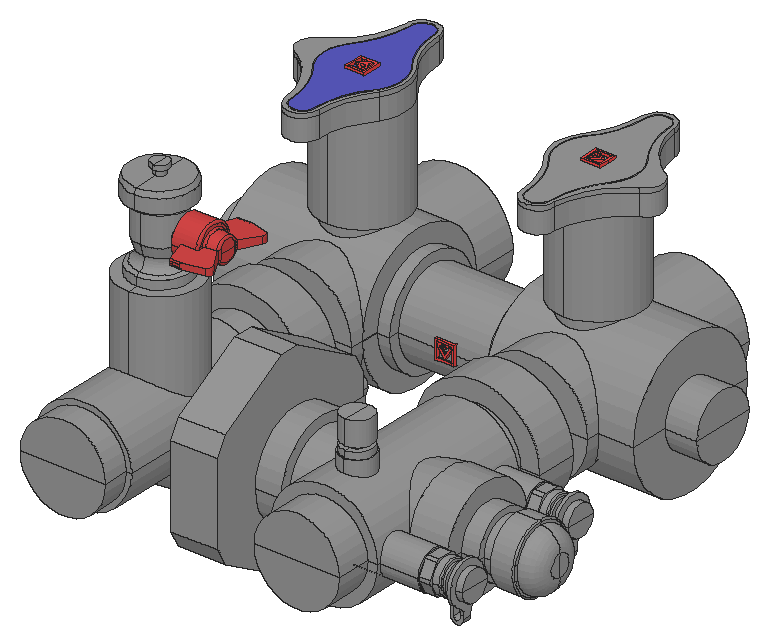
Revit family "HerzCon-Direktanschluss für FanCoils 120mm", category Rohrzubehör, Revit 2019
Family settings
  Bemaßung runder Anschluss = Durchmesser verwenden
  Teiletyp = Unterbricht
  OmniClass-Nummer = 23.65.55.14
  OmniClass-Titel = Valves for Liquid Services
  Arbeitsebenenbasiert = Nein
  Immer vertikal = Ja
  Beim Laden mit Abzugskörper schneiden = Nein
  Gemeinsam genutzt = Nein
Parameters (values of type "DN32")
  kvs-Wert (normale Funktion) = 4.57  # constant formula
  kvs-Wert (Bypass Funktion) = 14.2  # constant formula
  URL = "www.herz-armaturen.at"
  SCRNSEQ = "ARM;TYP_ARM=\"DURR\";02"
  SCRNCODE = "05;04;04"  # constant formula
  Nennweite SF [instance] = 40.00 mm  # constant formula
  Nennweite Kombi [instance] = 40.00 mm  # constant formula
  Nennweite KH [instance] = 32.00 mm  # constant formula
  Min. Betriebstemperatur = -20 °C  # constant formula
  Membrane und O-Ringe = "EPDM"  # constant formula
  Medium = "Heizungswasser gemäß ÖNORM H5195 oder VDI-Standard 2035.\r\nDie Verwendung von Ethylen- oder Propylenglykol-Gemischen in einem Verhältnis von 25-50 Vol.- % ist erlaubt."
  Max. Differenzdruck = 400000.0 Pa  # constant formula
  Max. Betriebstemperatur = 130 °C  # constant formula
  Max. Betriebsdruck = 2500000.0 Pa  # constant formula
  L11 = 16.00 mm  # constant formula
  L10 = 29.30 mm  # constant formula
  L09 = 20.00 mm  # constant formula
  L08 = 14.75 mm  # constant formula
  L07 = 19.25 mm  # constant formula
  L06 = 17.00 mm  # constant formula
  L05 = 26.50 mm  # constant formula
  L04 = 55.00 mm  # constant formula
  L03 = 22.40 mm  # constant formula
  L02 = 6.10 mm  # constant formula
  L01 = 15.00 mm  # constant formula
  L00 [instance] = 226.20 mm  # constant formula
  KR02 = 18.25 mm  # constant formula
  KR01 = 35.00 mm  # constant formula
  KL09 = 4.70 mm  # constant formula
  KL08 = KL06 + KL07  # 70.70 mm
  KL07 = 21.80 mm  # constant formula
  KL06 = KH01 + KL05  # 48.90 mm
  KL05 = 15.40 mm  # constant formula
  KL04 = 12.00 mm  # constant formula
  KL03 = KH03 - 9.00 mm  # 57.00 mm
  KL02 = 16.00 mm  # constant formula
  KL01 = 114.00 mm  # constant formula
  KH03 = 66.00 mm  # constant formula
  KH02 = KH01 + KD01  # 58.50 mm
  KH01 = 33.50 mm  # constant formula
  KD09 = 11.25 mm  # constant formula
  KD08 = 24.50 mm  # constant formula
  KD07 = 23.30 mm  # constant formula
  KD06 = 15.00 mm  # constant formula
  KD05 = 12.50 mm  # constant formula
  KD04 = 13.90 mm  # constant formula
  KD03 = 20.00 mm  # constant formula
  KD02 = 20.00 mm  # constant formula
  KD01 = 25.00 mm  # constant formula
  Hub = "4 mm"  # constant formula
  Hersteller = "HERZ Armaturen Ges.m.b.H."  # constant formula
  H01 = D02 + 1.00 mm  # 34.00 mm
  Gehäuse = "entzinkungsbeständiges Messing"  # constant formula
  D10 = 21.40 mm  # constant formula
  D09 = 13.00 mm  # constant formula
  D08 = 18.40 mm  # constant formula
  D07 = 39.00 mm  # constant formula
  D06 = 45.00 mm  # constant formula
  D05 = 54.50 mm  # constant formula
  D04 = 20.00 mm  # constant formula
  D03 = 24.50 mm  # constant formula
  D02 = 33.00 mm  # constant formula
  D01 = 15.00 mm  # constant formula
  Bestellnummer [instance] = 1460054  # constant formula
  Anwendungen = "Die HerzCON wurden entwickelt, um eine einfache Verbindung zu Gebläsekonvektoren oder anderen Anschlusseinheiten herzustellen.\r\nEin HerzCON ist eine Einheit, bestehend aus einem druckunabhängigen Kombiventil-Volumenstromregler (4006), Herz-Schmutzfänger, Herz-Entleerungshahn (2512) und zwei Herz-Multifunktionskugelhähnen.\r\nDas Ein-/ Aus Schalten sowie Modulieren ist über einen 0-10 V Stellantrieb möglich und kann bei Bedarf in eine GLT integriert werden.\r\nDie Einheit optimiert die Energieeffizienz des Systems, da es eine druckunabhängige Regelung ist, die den vollen Regelbereich unabhängig von Druckschwankungen gewährleistet, während gleichzeitig ein konstanter Durchfluss sichergestellt wird.\r\nMit der HerzCON können auch Spül- und Absperrvorgänge durchgeführt werden.\r\nEine Einheit kann für Heizen und Kühlen verwendet werden.\r\nEs gibt daher keinen Produktunterschied zwischen Heizen und Kühlen.\r\nDer am Sieb angebrachte Ablasshahn ermöglicht ein Spülen, ohne dass der Siebkorb entfernt werden muss.\r\nAußerdem kann der Siebkorb vor Ort gereinigt werden."
Reference planes
  plane 1 "Mitte (Vorne/hinten)": y = 0
  plane 2: z = 0
  plane 3 "Mitte (Links/rechts)": x = 0
Forms (mm)
  Revolve 1, solid, material "Messing, weicher Gelbton, geschweißt", detail levels fine
    sketch origin (0, -1.436, 0) x (1, 0, 0) y (0, 1, 0)
      loop
        line (-113.1, 1.436) -> (113.1, 1.436) -> (113.1, 16.436) -> (98.1, 16.436) -> (98.1, 34.436) -> (28.5, 34.436) -> (28.5, 25.936) -> (22.4, 25.936) -> (22.4, 21.436) -> (-22.4, 21.436) -> (-22.4, 25.936) -> (-28.5, 25.936) -> (-28.5, 34.436) -> (-98.1, 34.436) -> (-98.1, 16.436) -> (-113.1, 16.436) -> (-113.1, 1.436)
      axis (113.1, 1.436) -> (-113.1, 1.436)
    angle from 0 to 360
  Revolve 2, solid, material "Messing, weicher Gelbton, geschweißt", detail levels fine
    sketch origin (0, 0, 0) x (-1, 0, 0) y (0, 1, 0)
      loop
        line (-55, -57.4) -> (-55, 33.1) -> (-71, 33.1) -> (-71, 54.5) -> (-81.5, 54.5) -> (-81.5, -39) -> (-69.75, -39) -> (-69.75, -51.4) -> (-84.3, -51.4) -> (-84.3, -70.4) -> (-75, -70.4) -> (-75, -57.4) -> (-55, -57.4)
      axis (-55, -70.4) -> (-55, 54.5)
    angle from 0 to 360
  Revolve 3, solid, material "Messing, weicher Gelbton, geschweißt", detail levels fine
    sketch origin (0, 0, 0) x (1, 0, 0) y (0, 0, 1)
      loop
        line (-55, 0) -> (-55, 45) -> (-72, 45) -> (-72, 0) -> (-55, 0)
      axis (-55, 45) -> (-55, 0)
    angle from 0 to 360
  Revolve 4, solid, material "Messing, weicher Gelbton, geschweißt", detail levels fine
    sketch origin (0, 0, 0) x (-1, 0, 0) y (0, 0, 1)
      loop
        line (-55, 0) -> (-55, 45) -> (-72, 45) -> (-72, 0) -> (-55, 0)
      axis (-55, 45) -> (-55, 0)
    angle from 0 to 360
  Revolve 5, solid, material "Messing, weicher Gelbton, geschweißt", detail levels fine
    sketch origin (0, 0, 0) x (1, 0, 0) y (0, 1, 0)
      loop
        line (-55, -57.4) -> (-55, 33.1) -> (-71, 33.1) -> (-71, 54.5) -> (-81.5, 54.5) -> (-81.5, -39) -> (-69.75, -39) -> (-69.75, -51.4) -> (-84.3, -51.4) -> (-84.3, -70.4) -> (-75, -70.4) -> (-75, -57.4) -> (-55, -57.4)
      axis (-55, -70.4) -> (-55, 54.5)
    angle from 0 to 360
  Revolve 6, solid, material "Messing, weicher Gelbton, geschweißt", detail levels fine
    sketch origin (10, 7.177, 0) x (1, 0, 0) y (0, 1, 0)
      loop
        line (45, -68.677) -> (25, -68.677) -> (25, -84.677) -> (20, -84.677) -> (20, -166.677) -> (25, -166.677) -> (25, -182.677) -> (45, -182.677) -> (45, -68.677)
      axis (45, -68.677) -> (45, -182.677)
    angle from 0 to 360
  Revolve 7, solid, material "Messing, weicher Gelbton, geschweißt", detail levels fine
    sketch origin (10, -105.85, 0) x (1, 0, 0) y (0, 1, 0)
      loop
        line (11.5, -12.65) -> (11.5, -32.65) -> (45, -32.65) -> (70, -35.95) -> (87.8, -35.95) -> (87.8, -27.65) -> (96.3, -27.65) -> (96.3, -25.15) -> (102, -25.15) -> (102, -26.55) -> (111, -26.55) -> (111, -12.65) -> (11.5, -12.65)
      axis (11.5, -12.65) -> (111, -12.65)
    angle from 0 to 360
  Revolve 8, solid, material "Messing, weicher Gelbton, geschweißt", detail levels fine
    sketch origin (10, -105.85, 0) x (1, 0, 0) y (0, 1, 0)
      loop
        line (11.5, -12.65) -> (-3.9, -12.65) -> (-3.9, -23.9) -> (-0.5, -23.9) -> (-0.5, -37.15) -> (11.5, -37.15) -> (11.5, -12.65)
      axis (-3.9, -12.65) -> (11.5, -12.65)
    angle from 0 to 360
  Extrusion 9, solid, material "Messing, weicher Gelbton, geschweißt", detail levels fine
    sketch origin (-4.9, 62.574, 0) x (0, 1, 0) y (0, 0, 1)
      loop
        line (-176.324, 46) -> (-185.824, 46) -> (-218.536, 27.114) -> (-223.286, 18.886) -> (-223.286, -18.886) -> (-218.536, -27.114) -> (-185.824, -46) -> (-176.324, -46) -> (-143.612, -27.114) -> (-138.862, -18.886) -> (-138.862, 18.886) -> (-143.612, 27.114) -> (-176.324, 46)
    from 11 to -10.8
  Revolve 10, solid, material "Messing, weicher Gelbton, geschweißt", detail levels fine
    sketch origin (-4.9, -105.85, 0) x (1, 0, 0) y (0, 1, 0)
      loop
        line (-10.8, -12.65) -> (-10.8, 22.35) -> (-15.5, 5.6) -> (-15.5, -12.65) -> (-10.8, -12.65)
      axis (-15.5, -12.65) -> (-10.8, -12.65)
    angle from 0 to 360
  Extrusion 11, solid, material "Messing, weicher Gelbton, geschweißt", detail levels fine
    sketch origin (-4.9, -105.85, 0) x (1, 0, 0) y (0, 0, 1)
      loop
        line (11, 8) -> (-7.5, 8)
        arc (-7.5, 8) -> (-15.5, 0) -> (-7.5, -8) r 8
        line (-7.5, -8) -> (11, -8) -> (11, 8)
    from -30.847 to 12.65
  Revolve 12, solid, material "Messing, weicher Gelbton, geschweißt", detail levels fine
    sketch origin (-4.9, -105.85, 0) x (1, 0, 0) y (0, 1, 0)
      loop
        line (-14.5, 30.847) -> (-7.5, 30.847) -> (-7.5, 46.847) -> (-14.5, 46.847) -> (-14.5, 35.847) -> (-11.5, 35.847) -> (-11.5, 33.847) -> (-14.5, 33.847) -> (-14.5, 30.847)
      axis (-7.5, 46.847) -> (-7.5, 30.847)
    angle from 0 to 360
  Revolve 13, solid, material "Messing, weicher Gelbton, geschweißt", detail levels fine
    sketch origin (55, -105.85, 0) x (0, 1, 0) y (0, 0, 1)
      loop
        line (-34.65, 0) -> (-26.85, 0) -> (-26.85, 31) -> (-27.65, 31) -> (-27.65, 34) -> (-30.65, 34) -> (-30.65, 36) -> (-27.65, 36) -> (-27.65, 47) -> (-34.65, 47) -> (-34.65, 0)
      axis (-34.65, 47) -> (-34.65, 0)
    angle from 0 to 360
  Revolve 14, solid, material "Messing, weicher Gelbton, geschweißt", detail levels fine
    sketch origin (0, 0, 0) x (1, 0, 0) y (0, 1, 0)
      loop
        line (55, -96.5) -> (97.8, -96.5) -> (97.8, -87.5) -> (55, -87.5) -> (55, -96.5)
      axis (97.8, -87.5) -> (55, -87.5)
    angle from 0 to 360
  Revolve 15, solid, material "Messing, weicher Gelbton, geschweißt", detail levels fine
    sketch origin (0, -396.8, 0) x (1, 0, 0) y (0, -1, 0)
      loop
        line (55, -256.3) -> (97.8, -256.3) -> (97.8, -247.3) -> (55, -247.3) -> (55, -256.3)
      axis (97.8, -247.3) -> (55, -247.3)
    angle from 0 to 360
  Revolve 16, solid, material "Messing, weicher Gelbton, geschweißt", detail levels fine
    sketch origin (0, 251.113, 0) x (1, 0, 0) y (0, 1, 0)
      loop
        line (-55, -312.613) -> (-75, -312.613) -> (-75, -335.613) -> (-77.5, -335.613) -> (-77.5, -413.943) -> (-75, -413.943) -> (-75, -425.613) -> (-55, -425.613) -> (-55, -312.613)
      axis (-55, -312.613) -> (-55, -425.613)
    angle from 0 to 360
  Revolve 17, solid, material "Messing, weicher Gelbton, geschweißt", detail levels fine
    sketch origin (-55, 0, 0) x (0, 1, 0) y (0, 0, 1)
      loop
        line (-105, 0) -> (-105, -36)
        arc (-105, -36) -> (-92.506, -32.657) -> (-84.5, -22.5) r 20.5
        line (-84.5, -22.5) -> (-84.5, 0) -> (-105, 0)
      axis (-105, 0) -> (-105, -36)
    angle from 0 to 360
  Revolve 18, solid, material "Messing, weicher Gelbton, geschweißt", detail levels fine
    sketch origin (-55, -511.376, 0) x (0, 1, 0) y (0, 0, 1)
      loop
        line (393.376, 0) -> (411.876, 0) -> (411.876, 57) -> (406.876, 57) -> (406.876, 61) -> (404.999, 62.084)
        arc (404.999, 62.084) -> (402.831, 64.622) -> (402.743, 67.959) r 5
        line (402.743, 67.959) -> (404.381, 73) -> (404.381, 88) -> (406.581, 88) -> (406.581, 89.5) -> (408.361, 89.5) -> (408.361, 96) -> (407.361, 98.5) -> (395.861, 98.5) -> (395.861, 101.5) -> (397.361, 101.5) -> (397.361, 103.5) -> (393.376, 103.5) -> (393.376, 0)
      axis (393.376, 103.5) -> (393.376, 0)
    angle from 0 to 360
  Extrusion 19, solid, material "Messing, weicher Gelbton, geschweißt", detail levels fine
    sketch origin (5.52, -501.459, 12) x (0, 1, 0) y (0, 0, 1)
      loop
        circle (383.459, 65) r 5.5
    from -60.52 to -43.52
Dimensions and locks
  "L00": Revolve 1 sketch curve to Revolve 1 sketch curve
  "L01": Revolve 1 sketch curve to Revolve 1 sketch curve  (x2)
  "L02": Revolve 1 sketch curve to Revolve 1 sketch curve  (x2)
  equal spacing: Revolve 1 sketch curve, plane 3 "Mitte (Links/rechts)", Revolve 1 sketch curve
  "D01": Revolve 1 sketch curve to Revolve 1 sketch curve  (x2)
  "D02": Revolve 1 sketch curve to Revolve 1 sketch curve  (x2)
  "D03": Revolve 1 sketch curve to Revolve 1 sketch curve  (x2)
  "D04": Revolve 1 sketch curve to Revolve 1 sketch curve
  "D04": nested 2 to plane 1 "Mitte (Vorne/hinten)"
  "D04": nested 1 to plane 1 "Mitte (Vorne/hinten)"
  "L03": Revolve 1 sketch curve to plane 3 "Mitte (Links/rechts)" to Revolve 1 sketch curve
  "L05": Revolve 2 sketch curve to Revolve 2 sketch curve
  "L04": plane 3 "Mitte (Links/rechts)" to Revolve 2 sketch curve  (x2)
  "L04": plane 3 "Mitte (Links/rechts)" to Revolve 3 sketch curve  (x2)
  "L06": Revolve 3 sketch curve to Revolve 3 sketch curve
  "D06": Revolve 3 sketch curve to plane 2
  "L06": Revolve 4 sketch curve to Revolve 4 sketch curve
  "D06": Revolve 4 sketch curve to plane 2
  "L04": plane 3 "Mitte (Links/rechts)" to Revolve 4 sketch curve
  "L04": Revolve 4 sketch curve to plane 3 "Mitte (Links/rechts)"
  "L04": plane 3 "Mitte (Links/rechts)" to nested 3
  "L04": nested 4 to plane 3 "Mitte (Links/rechts)"
  "H01": nested 3 to plane 2
  "H01": nested 4 to plane 2
  "D05": plane 1 "Mitte (Vorne/hinten)" to Revolve 2 sketch curve
  "D07": Revolve 2 sketch curve to plane 1 "Mitte (Vorne/hinten)"
  "D08": Revolve 2 sketch curve to Revolve 2 sketch curve
  "L08": Revolve 2 sketch curve to Revolve 2 sketch curve
  "L10": Revolve 2 sketch curve to Revolve 2 sketch curve
  "L09": Revolve 2 sketch curve to Revolve 2 sketch curve
  "D09": Revolve 2 sketch curve to Revolve 2 sketch curve
  "L05": Revolve 5 sketch curve to Revolve 5 sketch curve
  "D08": Revolve 5 sketch curve to Revolve 5 sketch curve
  "L08": Revolve 5 sketch curve to Revolve 5 sketch curve
  "L10": Revolve 5 sketch curve to Revolve 5 sketch curve
  "L09": Revolve 5 sketch curve to Revolve 5 sketch curve
  "D09": Revolve 5 sketch curve to Revolve 5 sketch curve
  "D05": plane 1 "Mitte (Vorne/hinten)" to Revolve 5 sketch curve
  "D07": Revolve 5 sketch curve to plane 1 "Mitte (Vorne/hinten)"
  "L11": Revolve 5 sketch curve to Revolve 5 sketch curve
  "L04": Revolve 5 sketch curve to plane 3 "Mitte (Links/rechts)"  (x2)
  "D10": Revolve 5 sketch curve to Revolve 5 sketch curve
  "L11": Revolve 2 sketch curve to Revolve 2 sketch curve
  "D10": Revolve 2 sketch curve to Revolve 2 sketch curve
  "KD02": Revolve 6 sketch curve to Revolve 6 sketch curve  (x2)
  "KD01": Revolve 6 sketch curve to Revolve 6 sketch curve
  Revolve 6 sketch curve to Revolve 6 sketch curve = 114.00 mm
  "KL02": Revolve 6 sketch curve to Revolve 6 sketch curve  (x2)
  equal spacing: Revolve 6, Revolve 7 sketch curve, Revolve 6  (x2)
  Revolve 7 sketch curve to Revolve 7 sketch curve = 99.50 mm
  Revolve 7 sketch curve to Revolve 7 sketch curve = 9.00 mm
  Revolve 7 sketch curve to Revolve 7 sketch curve = 5.70 mm
  Revolve 7 sketch curve to Revolve 7 sketch curve = 8.50 mm
  "KD04": Revolve 7 sketch curve to Revolve 7 sketch curve
  "KD05": Revolve 7 sketch curve to Revolve 7 sketch curve
  "KD06": Revolve 7 sketch curve to Revolve 7 sketch curve
  "KD03": Revolve 7 sketch curve to Revolve 7 sketch curve
  "KH01": Revolve 7 sketch curve to Revolve 7 sketch curve
  "KH02": Revolve 7 sketch curve to Revolve 7 sketch curve
  "KH01": Revolve 8 sketch curve to Revolve 7
  equal spacing: Revolve 6, Revolve 8 sketch curve, Revolve 6  (x2)
  "KD08": Revolve 8 sketch curve to Revolve 8 sketch curve
  "KD09": Revolve 8 sketch curve to Revolve 8 sketch curve
  "KL05": Revolve 8 sketch curve to Revolve 8 sketch curve
  "KL04": Revolve 8 sketch curve to Revolve 8 sketch curve
  equal spacing: Revolve 6, Revolve 10 sketch curve, Revolve 6  (x2)
  "KR02": Revolve 10 sketch curve to Revolve 10 sketch curve
  "KR01": Revolve 10 sketch curve to Revolve 10 sketch curve
  "KL09": Revolve 10 sketch curve to Extrusion 9
  equal spacing: Revolve 6, nested 5, Revolve 6
  Revolve 12 sketch curve to Revolve 12 sketch curve = 7.00 mm  (x2)
  Revolve 12 sketch curve to Revolve 12 sketch curve = 4.00 mm
  Revolve 12 sketch curve to Revolve 12 sketch curve = 3.00 mm
  Revolve 12 sketch curve to Revolve 12 sketch curve = 2.00 mm
  Revolve 12 sketch curve to Revolve 12 sketch curve = 11.00 mm
  Revolve 10 to Revolve 12 sketch curve = 1.00 mm
  Revolve 10 to Revolve 12 sketch curve = 8.00 mm
  Extrusion 11 to Revolve 12 sketch curve = 43.497 mm
  equal spacing: Revolve 6, Extrusion 11, Revolve 6
  Revolve 13 sketch curve to Revolve 13 sketch curve = 7.80 mm
  Revolve 13 sketch curve to Revolve 13 sketch curve = 7.00 mm  (x2)
  Revolve 13 sketch curve to Revolve 13 sketch curve = 4.00 mm
  Revolve 13 sketch curve to Revolve 13 sketch curve = 3.00 mm
  Revolve 13 sketch curve to Revolve 13 sketch curve = 2.00 mm
  Revolve 13 sketch curve to Revolve 13 sketch curve = 11.00 mm
  "L04": plane 3 "Mitte (Links/rechts)" to Revolve 6 sketch curve  (x2)
  "KH03": Revolve 7 sketch curve to Revolve 7 sketch curve
  "KD07": Revolve 7 sketch curve to Revolve 7 sketch curve
  "KL03": Revolve 7 to nested 5
  "KL06": Extrusion 9 to Revolve 7
  Extrusion 9 sketch curve to Extrusion 9 sketch curve = 92.00 mm  (x3)
  Extrusion 9 sketch curve to Extrusion 9 sketch curve = 84.424 mm  (x3)
  "KL07": Extrusion 9 to Extrusion 9
  "KL08": Revolve 10 sketch curve to Revolve 7
  Revolve 6 to Extrusion 9 sketch curve = 14.788 mm
  Extrusion 9 sketch curve to Revolve 6 = 14.788 mm
  Extrusion 11 sketch curve to Extrusion 11 sketch curve = 26.50 mm
  Revolve 14 sketch curve to Revolve 14 sketch curve = 42.80 mm
  Revolve 14 sketch curve to Revolve 14 sketch curve = 9.00 mm
  Revolve 14 sketch curve to Revolve 6 = 26.00 mm  (x2)
  Revolve 15 sketch curve to Revolve 15 sketch curve = 42.80 mm
  Revolve 15 sketch curve to Revolve 15 sketch curve = 9.00 mm
  Revolve 6 to Revolve 15 sketch curve = 26.00 mm  (x2)
  Revolve 6 to nested 6 = 26.00 mm
  Revolve 7 to nested 6 = 42.80 mm
  nested 7 to Revolve 6 = 26.00 mm
  Revolve 7 to nested 7 = 42.80 mm
  Revolve 13 sketch curve to plane 2 = 31.00 mm
  Revolve 13 sketch curve to Revolve 6 = 35.00 mm  (x2)
  Revolve 2 to Revolve 6 = 230.00 mm
  Revolve 16 sketch curve to Revolve 16 sketch curve = 23.00 mm
  Revolve 16 sketch curve to Revolve 16 sketch curve = 11.67 mm
  Revolve 16 sketch curve to Revolve 16 sketch curve = 113.00 mm
  "L04": Revolve 16 sketch curve to plane 3 "Mitte (Links/rechts)"  (x2)
  Revolve 16 sketch curve to Revolve 16 sketch curve = 20.00 mm  (x2)
  Revolve 16 sketch curve to Revolve 16 sketch curve = 22.50 mm
  Revolve 17 sketch curve to Revolve 17 sketch curve = 22.50 mm
  Revolve 17 sketch curve to Revolve 17 sketch curve = 20.50 mm
  "L04": Revolve 17 to plane 3 "Mitte (Links/rechts)"
  Revolve 18 sketch curve to Revolve 18 sketch curve = 13.50 mm
  "L04": Revolve 18 to plane 3 "Mitte (Links/rechts)"
  Revolve 18 sketch curve to plane 2 = 57.00 mm
  Revolve 18 sketch curve to Revolve 18 sketch curve = 4.00 mm
  equal spacing: Revolve 16, Revolve 18 sketch curve, Revolve 16  (x2)
  "L04": Extrusion 19 to plane 3 "Mitte (Links/rechts)"
  Extrusion 19 to Extrusion 19 = 17.00 mm
  Revolve 18 to Extrusion 19 = 11.00 mm
  Revolve 18 to nested 8 = 11.00 mm
  equal spacing: Revolve 16, nested 8, Revolve 16
  equal spacing: Revolve 16, Extrusion 19 sketch curve, Revolve 16
  Revolve 16 to Revolve 5 = 229.00 mm
  Revolve 16 to Revolve 17 sketch curve = 43.50 mm  (x2)
  plane 2 to Revolve 17 sketch curve = 36.00 mm
  radius of Extrusion 11 sketch curve = 8.00 mm
  radius of Extrusion 19 sketch curve = 5.50 mm
  aligned and locked: level to plane 2
Automatic sketch dimensions
  Extrusion 9 sketch curve to level = 27.114 mm  (x2)
  Extrusion 9 sketch curve to Extrusion 9 sketch curve = 4.75 mm  (x2)
  level to Extrusion 9 sketch curve = 27.114 mm  (x2)
  Extrusion 9 sketch curve to Extrusion 9 sketch curve = 32.712 mm  (x2)
  level to Extrusion 9 sketch curve = 46.00 mm
  Extrusion 9 sketch curve to Extrusion 9 sketch curve = 9.50 mm
  Extrusion 9 sketch curve to Extrusion 9 sketch curve = 8.227 mm  (x2)
  Extrusion 11 sketch curve to level = 0.00 mm
  Extrusion 11 sketch curve to plane 3 "Mitte (Links/rechts)" = 12.40 mm
  Revolve 12 sketch curve to Revolve 12 sketch curve = 1.775 mm
  Revolve 12 sketch curve to Revolve 12 sketch curve = 4.225 mm
  Revolve 13 sketch curve to level = 0.00 mm
  level to Revolve 13 sketch curve = 7.505 mm
  Revolve 13 sketch curve to Revolve 13 sketch curve = 10.256 mm
  plane 3 "Mitte (Links/rechts)" to Revolve 14 sketch curve = 55.00 mm
  Revolve 14 sketch curve to Revolve 14 sketch curve = 12.80 mm
  Revolve 14 sketch curve to Revolve 14 sketch curve = 5.00 mm
  Revolve 15 sketch curve to plane 3 "Mitte (Links/rechts)" = 55.00 mm
  Revolve 15 sketch curve to Revolve 15 sketch curve = 12.80 mm
  Revolve 15 sketch curve to Revolve 15 sketch curve = 5.00 mm
  Revolve 17 sketch curve to level = 0.00 mm
  Revolve 17 sketch curve to Revolve 17 sketch curve = 1.219 mm
  Revolve 17 sketch curve to Revolve 17 sketch curve = 6.00 mm
  Revolve 17 sketch curve to level = 5.00 mm
  Revolve 18 sketch curve to level = 0.00 mm
  Revolve 18 sketch curve to Revolve 18 sketch curve = 2.485 mm
  Revolve 18 sketch curve to Revolve 18 sketch curve = 1.50 mm  (x2)
  level to Revolve 18 sketch curve = 67.959 mm
  Revolve 18 sketch curve to Revolve 18 sketch curve = 6.883 mm
  Revolve 18 sketch curve to Revolve 18 sketch curve = 8.52 mm
  level to Revolve 18 sketch curve = 62.084 mm
  Revolve 18 sketch curve to Revolve 18 sketch curve = 2.255 mm
  Revolve 18 sketch curve to Revolve 18 sketch curve = 2.20 mm
  level to Revolve 18 sketch curve = 98.50 mm
  Revolve 18 sketch curve to Revolve 18 sketch curve = 0.78 mm
  Revolve 18 sketch curve to Revolve 18 sketch curve = 2.50 mm  (x2)
  Revolve 18 sketch curve to Revolve 18 sketch curve = 1.78 mm
  Revolve 18 sketch curve to Revolve 18 sketch curve = 5.041 mm
  Revolve 18 sketch curve to Revolve 18 sketch curve = 10.50 mm
  Revolve 18 sketch curve to Revolve 18 sketch curve = 3.00 mm
  Revolve 18 sketch curve to Revolve 18 sketch curve = 2.00 mm
  Revolve 18 sketch curve to Revolve 18 sketch curve = 8.124 mm
  Revolve 18 sketch curve to Revolve 18 sketch curve = 5.00 mm
  Revolve 18 sketch curve to Revolve 18 sketch curve = 21.227 mm
  level to Extrusion 19 sketch curve = 77.00 mm
  Revolve 1 sketch curve to plane 1 "Mitte (Vorne/hinten)" = 0.00 mm
  plane 1 "Mitte (Vorne/hinten)" to Revolve 1 sketch curve = 0.00 mm
  Revolve 1 sketch curve to Revolve 1 sketch curve = 1904.835 mm  (x2)
  Revolve 2 sketch curve to Revolve 2 sketch curve = 6.00 mm
  Revolve 2 sketch curve to Revolve 2 sketch curve = 7.746 mm
  Revolve 2 sketch curve to Revolve 2 sketch curve = 7.208 mm
  Revolve 3 sketch curve to level = 0.00 mm  (x2)
  Revolve 3 sketch curve to Revolve 3 sketch curve = 6.726 mm
  Revolve 4 sketch curve to level = 0.00 mm  (x2)
  Revolve 4 sketch curve to Revolve 4 sketch curve = 6.726 mm
  Revolve 5 sketch curve to Revolve 5 sketch curve = 6.00 mm
  Revolve 5 sketch curve to Revolve 5 sketch curve = 7.746 mm
  Revolve 5 sketch curve to Revolve 5 sketch curve = 7.208 mm
  plane 1 "Mitte (Vorne/hinten)" to Revolve 6 sketch curve = 175.50 mm
  Revolve 6 sketch curve to Revolve 6 sketch curve = 6.00 mm
  Revolve 6 sketch curve to Revolve 6 sketch curve = 5.00 mm
  plane 3 "Mitte (Links/rechts)" to Revolve 7 sketch curve = 21.50 mm
  Revolve 7 sketch curve to Revolve 7 sketch curve = 5.00 mm
  Revolve 7 sketch curve to Revolve 7 sketch curve = 11.575 mm
  Revolve 8 sketch curve to Revolve 8 sketch curve = 2.197 mm
  Revolve 8 sketch curve to Revolve 8 sketch curve = 3.212 mm
  Revolve 10 sketch curve to Revolve 10 sketch curve = 0.00 mm  (x2)
  plane 1 "Mitte (Vorne/hinten)" to Revolve 16 sketch curve = 174.50 mm
  Revolve 16 sketch curve to Revolve 16 sketch curve = 26.33 mm
  Revolve 16 sketch curve to Revolve 16 sketch curve = 12.00 mm
Nested families
  nested 1: "Herz-Logo-vorne" at (0, -20, 0) x (0, 1, 0) z (0, 0, 1), type "Herz-Logo-vorne", detail levels fine
  nested 2: "Herz-Logo-vorne" at (0, 20, 0) x (0, 1, 0) z (0, 0, 1), type "Herz-Logo-vorne", detail levels fine
  nested 3: "Handrad (blau) für HerzCon DN25-DN32" at (-55, 0, 34) x (0, -1, 0) z (0, 0, 1), type "Handrad (blau) für HerzCon DN25-DN32", detail levels fine
  nested 4: "Handrad (rot) für HerzCon DN25-DN32" at (55, 0, 34) x (0, 1, 0) z (0, 0, 1), type "Handrad (rot) für HerzCon DN25-DN32", detail levels fine
  nested 5: "Bauschutzkappe für HerCon" at (112, -118.5, 0), type "Bauschutzkappe für HerCon", detail levels fine
  nested 6: "Messstutzen_Band_Eintritt" at (80.3, -149.5, 0) x (0, 1, 0) z (0, 0, 1), type "Messstutzen_Band_Eintritt", detail levels fine
    with Schutzkappe yes, Nennweite 0.00 mm, Gewicht 0.00 kg, Bestellnummer 0
  nested 7: "Messstutzen_Band_Austritt" at (80.3, -87.5, 0) x (0, 1, 0) z (0, 0, 1), type "Messstutzen_Band_Austritt", detail levels fine
    with Schutzkappe yes, Nennweite 0.00 mm, Gewicht 0.00 kg, Bestellnummer 0
  nested 8: "Flügelgriff rot (seite)" at (-42, -118, 77), type "Flügelgriff rot (seite)"
Connectors
  piping at (55, -175.5, 0), diameter 40, driven by "Nennweite Kombi"
    settings: on Revolve 6, index 1, connector inside diameter 609.6 mm, connector length 0.00 mm, flow factor 0, pipe flow 0.0 L/s, pressure drop 0.0 Pa, fitting loss kfactor 0, connector angle 0.00°, fixture units 0, engagement length 0.00 mm, angle of deflection 0.00°, flow configuration 0, flow direction 1, fitting loss method 0, system type 7, joint type 0, gender type 0, connector reference index -1, connector utility 0, adjustable connector no, is connector primary yes, connector description ""
  piping at (-55, -174.5, 0), diameter 40, driven by "Nennweite SF"
    settings: on Revolve 16, index 2, connector inside diameter 609.6 mm, connector length 0.00 mm, flow factor 0, pipe flow 0.0 L/s, pressure drop 0.0 Pa, fitting loss kfactor 0, connector angle 0.00°, fixture units 0, engagement length 0.00 mm, angle of deflection 0.00°, flow configuration 0, flow direction 2, fitting loss method 0, system type 8, joint type 0, gender type 0, connector reference index -1, connector utility 0, adjustable connector no, is connector primary no, connector description ""
  piping at (55, 33.1, 0), diameter 32, driven by "Nennweite KH"
    settings: on Revolve 2, index 3, connector inside diameter 609.6 mm, connector length 0.00 mm, flow factor 0, pipe flow 0.0 L/s, pressure drop 0.0 Pa, fitting loss kfactor 0, connector angle 0.00°, fixture units 0, engagement length 0.00 mm, angle of deflection 0.00°, flow configuration 0, flow direction 2, fitting loss method 0, system type 7, joint type 0, gender type 0, connector reference index -1, connector utility 0, adjustable connector no, is connector primary no, connector description ""
  piping at (-55, 33.1, 0), diameter 32, driven by "Nennweite KH"
    settings: on Revolve 5, index 4, connector inside diameter 609.6 mm, connector length 0.00 mm, flow factor 0, pipe flow 0.0 L/s, pressure drop 0.0 Pa, fitting loss kfactor 0, connector angle 0.00°, fixture units 0, engagement length 0.00 mm, angle of deflection 0.00°, flow configuration 0, flow direction 1, fitting loss method 0, system type 8, joint type 0, gender type 0, connector reference index -1, connector utility 0, adjustable connector no, is connector primary no, connector description ""
Definition of nested family "Herz-Logo-vorne"
  Reference planes
    plane 1 "Mitte (Vorne/hinten)": y = 0
    plane 2: z = 0
    plane 3 "Mitte (Links/rechts)": x = 0
  Forms (mm)
    Extrusion 1, solid
      sketch origin (0.732, -0.018, 0.017) x (0, -1, 0) y (0, 0, 1)
        loop
          line (-0.018, -4.517) -> (4.482, -4.517) -> (4.482, 4.483) -> (-4.518, 4.483) -> (-4.518, -4.517) -> (-0.018, -4.517)
        loop
          line (-0.05, -3.48) -> (3.482, -3.48) -> (3.482, 3.483) -> (-3.518, 3.483) -> (-3.518, -3.48) -> (-0.05, -3.48)
        loop
          arc (-0.018, 2.383) -> (-1.543, 3.287) -> (-3.067, 2.383) r 1.738
          arc (-3.067, 2.383) -> (-3.191, 1.899) -> (-3.067, 1.415) r 1.009
          line (-3.067, 1.415) -> (-0.018, -3.281) -> (3.032, 1.415)
          arc (3.032, 1.415) -> (3.156, 1.899) -> (3.032, 2.383) r 1.009
          arc (3.032, 2.383) -> (1.507, 3.287) -> (-0.018, 2.383) r 1.738
        loop
          arc (1.885, 1.272) -> (2.005, 1.675) -> (1.885, 2.079) r 0.74
          arc (1.885, 2.079) -> (1.265, 2.416) -> (0.644, 2.079) r 0.74
          line (0.644, 2.079) -> (-0.018, 0.97) -> (-0.679, 2.079)
          arc (-0.679, 2.079) -> (-1.3, 2.416) -> (-1.921, 2.079) r 0.74
          arc (-1.921, 2.079) -> (-2.04, 1.675) -> (-1.921, 1.272) r 0.74
          line (-1.921, 1.272) -> (-0.018, -1.658) -> (1.885, 1.272)
      from 0 to 1.5
  Dimensions and locks
    aligned and locked: level to plane 2
Definition of nested family "Handrad (blau) für HerzCon DN25-DN32"
  Reference planes
    plane 1 "Mitte (Vorne/hinten)": y = 0
    plane 2: z = 0
    plane 3 "Mitte (Links/rechts)": x = 0
  Forms (mm)
    Extrusion 1, solid, detail levels fine
      sketch origin (0, 0, 0) x (1, 0, 0) y (0, 1, 0)
        loop
          circle (0, 0) r 20
      from 0 to 45
    Extrusion 2, solid, detail levels fine
      sketch origin (0, 0, 0) x (1, 0, 0) y (0, 1, 0)
        loop
          arc (-35, 7.5) -> (-42.5, 0) -> (-35, -7.5) r 7.5
          arc (-35, -7.5) -> (-19.287, -13.2) -> (-7.275, -24.825) r 40
          arc (-7.275, -24.825) -> (0, -30) -> (7.275, -24.825) r 7.7
          arc (7.275, -24.825) -> (19.287, -13.2) -> (35, -7.5) r 40
          arc (35, -7.5) -> (42.5, 0) -> (35, 7.5) r 7.5
          arc (35, 7.5) -> (22.22, 10.127) -> (10.965, 16.726) r 40
          arc (10.965, 16.726) -> (0, 20) -> (-10.965, 16.726) r 20
          arc (-10.965, 16.726) -> (-22.22, 10.127) -> (-35, 7.5) r 40
      from 45 to 55
    Extrusion 3, solid, detail levels fine
      sketch origin (0, 0, 0) x (1, 0, 0) y (0, 1, 0)
        loop
          arc (-35, 7.5) -> (-42.5, 0) -> (-35, -7.5) r 7.5
          arc (-35, -7.5) -> (-19.287, -13.2) -> (-7.275, -24.825) r 40
          arc (-7.275, -24.825) -> (0, -30) -> (7.275, -24.825) r 7.7
          arc (7.275, -24.825) -> (19.287, -13.2) -> (35, -7.5) r 40
          arc (35, -7.5) -> (42.5, 0) -> (35, 7.5) r 7.5
          arc (35, 7.5) -> (22.22, 10.127) -> (10.965, 16.726) r 40
          arc (10.965, 16.726) -> (0, 20) -> (-10.965, 16.726) r 20
          arc (-10.965, 16.726) -> (-22.22, 10.127) -> (-35, 7.5) r 40
        loop
          arc (-34.965, 5.5) -> (-40.5, 0) -> (-34.965, -5.5) r 5.5
          arc (-34.965, -5.5) -> (-21.579, -8.231) -> (-9.777, -15.113) r 42
          arc (-9.777, -15.113) -> (0, -18) -> (9.777, -15.113) r 18
          arc (9.777, -15.113) -> (21.579, -8.231) -> (34.965, -5.5) r 42
          arc (34.965, -5.5) -> (40.5, 0) -> (34.965, 5.5) r 5.5
          arc (34.965, 5.5) -> (21.579, 8.231) -> (9.777, 15.113) r 42
          arc (9.777, 15.113) -> (0, 18) -> (-9.777, 15.113) r 18
          arc (-9.777, 15.113) -> (-21.579, 8.231) -> (-34.965, 5.5) r 42
      from 55 to 57
    Extrusion 4, solid, detail levels fine
      sketch origin (0, 0, 0) x (1, 0, 0) y (0, 1, 0)
        loop
          arc (-34.965, 5.5) -> (-40.5, 0) -> (-34.965, -5.5) r 5.5
          arc (-34.965, -5.5) -> (-21.579, -8.231) -> (-9.777, -15.113) r 42
          arc (-9.777, -15.113) -> (0, -18) -> (9.777, -15.113) r 18
          arc (9.777, -15.113) -> (21.579, -8.231) -> (34.965, -5.5) r 42
          arc (34.965, -5.5) -> (40.5, 0) -> (34.965, 5.5) r 5.5
          arc (34.965, 5.5) -> (21.579, 8.231) -> (9.777, 15.113) r 42
          arc (9.777, 15.113) -> (0, 18) -> (-9.777, 15.113) r 18
          arc (-9.777, 15.113) -> (-21.579, 8.231) -> (-34.965, 5.5) r 42
      from 55 to 57
  Dimensions and locks
    aligned and locked: level to plane 2
  Nested families
    nested 1: "Herz-Logo" at (0, 0, 56.5), type "Herz-Logo", detail levels fine
  Definition of nested family "Herz-Logo"
    Reference planes
      plane 1 "Mitte (Vorne/hinten)": y = 0
      plane 2: z = 0
      plane 3 "Mitte (Links/rechts)": x = 0
    Forms (mm)
      Extrusion 1, solid
        sketch origin (0, 0, 0) x (1, 0, 0) y (0, 1, 0)
          loop
            line (-0.018, -4.517) -> (4.482, -4.517) -> (4.482, 4.483) -> (-4.518, 4.483) -> (-4.518, -4.517) -> (-0.018, -4.517)
          loop
            line (-0.05, -3.48) -> (3.482, -3.48) -> (3.482, 3.483) -> (-3.518, 3.483) -> (-3.518, -3.48) -> (-0.05, -3.48)
          loop
            arc (-0.018, 2.383) -> (-1.543, 3.287) -> (-3.067, 2.383) r 1.738
            arc (-3.067, 2.383) -> (-3.191, 1.899) -> (-3.067, 1.415) r 1.009
            line (-3.067, 1.415) -> (-0.018, -3.281) -> (3.032, 1.415)
            arc (3.032, 1.415) -> (3.156, 1.899) -> (3.032, 2.383) r 1.009
            arc (3.032, 2.383) -> (1.507, 3.287) -> (-0.018, 2.383) r 1.738
          loop
            arc (1.885, 1.272) -> (2.005, 1.675) -> (1.885, 2.079) r 0.74
            arc (1.885, 2.079) -> (1.265, 2.416) -> (0.644, 2.079) r 0.74
            line (0.644, 2.079) -> (-0.018, 0.97) -> (-0.679, 2.079)
            arc (-0.679, 2.079) -> (-1.3, 2.416) -> (-1.921, 2.079) r 0.74
            arc (-1.921, 2.079) -> (-2.04, 1.675) -> (-1.921, 1.272) r 0.74
            line (-1.921, 1.272) -> (-0.018, -1.658) -> (1.885, 1.272)
        from 0 to 1.5
    Dimensions and locks
      aligned and locked: level to plane 2
Definition of nested family "Handrad (rot) für HerzCon DN25-DN32"
  Reference planes
    plane 1 "Mitte (Vorne/hinten)": y = 0
    plane 2: z = 0
    plane 3 "Mitte (Links/rechts)": x = 0
  Forms (mm)
    Extrusion 1, solid, detail levels fine
      sketch origin (0, 0, 0) x (1, 0, 0) y (0, 1, 0)
        loop
          circle (0, 0) r 20
      from 0 to 45
    Extrusion 2, solid, detail levels fine
      sketch origin (0, 0, 0) x (1, 0, 0) y (0, 1, 0)
        loop
          arc (-35, 7.5) -> (-42.5, 0) -> (-35, -7.5) r 7.5
          arc (-35, -7.5) -> (-19.287, -13.2) -> (-7.275, -24.825) r 40
          arc (-7.275, -24.825) -> (0, -30) -> (7.275, -24.825) r 7.7
          arc (7.275, -24.825) -> (19.287, -13.2) -> (35, -7.5) r 40
          arc (35, -7.5) -> (42.5, 0) -> (35, 7.5) r 7.5
          arc (35, 7.5) -> (22.22, 10.127) -> (10.965, 16.726) r 40
          arc (10.965, 16.726) -> (0, 20) -> (-10.965, 16.726) r 20
          arc (-10.965, 16.726) -> (-22.22, 10.127) -> (-35, 7.5) r 40
      from 45 to 55
    Extrusion 3, solid, detail levels fine
      sketch origin (0, 0, 0) x (1, 0, 0) y (0, 1, 0)
        loop
          arc (-35, 7.5) -> (-42.5, 0) -> (-35, -7.5) r 7.5
          arc (-35, -7.5) -> (-19.287, -13.2) -> (-7.275, -24.825) r 40
          arc (-7.275, -24.825) -> (0, -30) -> (7.275, -24.825) r 7.7
          arc (7.275, -24.825) -> (19.287, -13.2) -> (35, -7.5) r 40
          arc (35, -7.5) -> (42.5, 0) -> (35, 7.5) r 7.5
          arc (35, 7.5) -> (22.22, 10.127) -> (10.965, 16.726) r 40
          arc (10.965, 16.726) -> (0, 20) -> (-10.965, 16.726) r 20
          arc (-10.965, 16.726) -> (-22.22, 10.127) -> (-35, 7.5) r 40
        loop
          arc (-34.965, 5.5) -> (-40.5, 0) -> (-34.965, -5.5) r 5.5
          arc (-34.965, -5.5) -> (-21.579, -8.231) -> (-9.777, -15.113) r 42
          arc (-9.777, -15.113) -> (0, -18) -> (9.777, -15.113) r 18
          arc (9.777, -15.113) -> (21.579, -8.231) -> (34.965, -5.5) r 42
          arc (34.965, -5.5) -> (40.5, 0) -> (34.965, 5.5) r 5.5
          arc (34.965, 5.5) -> (21.579, 8.231) -> (9.777, 15.113) r 42
          arc (9.777, 15.113) -> (0, 18) -> (-9.777, 15.113) r 18
          arc (-9.777, 15.113) -> (-21.579, 8.231) -> (-34.965, 5.5) r 42
      from 55 to 57
    Extrusion 4, solid, detail levels fine
      sketch origin (0, 0, 0) x (1, 0, 0) y (0, 1, 0)
        loop
          arc (-34.965, 5.5) -> (-40.5, 0) -> (-34.965, -5.5) r 5.5
          arc (-34.965, -5.5) -> (-21.579, -8.231) -> (-9.777, -15.113) r 42
          arc (-9.777, -15.113) -> (0, -18) -> (9.777, -15.113) r 18
          arc (9.777, -15.113) -> (21.579, -8.231) -> (34.965, -5.5) r 42
          arc (34.965, -5.5) -> (40.5, 0) -> (34.965, 5.5) r 5.5
          arc (34.965, 5.5) -> (21.579, 8.231) -> (9.777, 15.113) r 42
          arc (9.777, 15.113) -> (0, 18) -> (-9.777, 15.113) r 18
          arc (-9.777, 15.113) -> (-21.579, 8.231) -> (-34.965, 5.5) r 42
      from 55 to 57
  Dimensions and locks
    aligned and locked: level to plane 2
  Nested families
    nested 1: "Herz-Logo" at (0, 0, 56.5), type "Herz-Logo", detail levels fine
  Definition of nested family "Herz-Logo"
    Reference planes
      plane 1 "Mitte (Vorne/hinten)": y = 0
      plane 2: z = 0
      plane 3 "Mitte (Links/rechts)": x = 0
    Forms (mm)
      Extrusion 1, solid
        sketch origin (0, 0, 0) x (1, 0, 0) y (0, 1, 0)
          loop
            line (-0.018, -4.517) -> (4.482, -4.517) -> (4.482, 4.483) -> (-4.518, 4.483) -> (-4.518, -4.517) -> (-0.018, -4.517)
          loop
            line (-0.05, -3.48) -> (3.482, -3.48) -> (3.482, 3.483) -> (-3.518, 3.483) -> (-3.518, -3.48) -> (-0.05, -3.48)
          loop
            arc (-0.018, 2.383) -> (-1.543, 3.287) -> (-3.067, 2.383) r 1.738
            arc (-3.067, 2.383) -> (-3.191, 1.899) -> (-3.067, 1.415) r 1.009
            line (-3.067, 1.415) -> (-0.018, -3.281) -> (3.032, 1.415)
            arc (3.032, 1.415) -> (3.156, 1.899) -> (3.032, 2.383) r 1.009
            arc (3.032, 2.383) -> (1.507, 3.287) -> (-0.018, 2.383) r 1.738
          loop
            arc (1.885, 1.272) -> (2.005, 1.675) -> (1.885, 2.079) r 0.74
            arc (1.885, 2.079) -> (1.265, 2.416) -> (0.644, 2.079) r 0.74
            line (0.644, 2.079) -> (-0.018, 0.97) -> (-0.679, 2.079)
            arc (-0.679, 2.079) -> (-1.3, 2.416) -> (-1.921, 2.079) r 0.74
            arc (-1.921, 2.079) -> (-2.04, 1.675) -> (-1.921, 1.272) r 0.74
            line (-1.921, 1.272) -> (-0.018, -1.658) -> (1.885, 1.272)
        from 0 to 1.5
    Dimensions and locks
      aligned and locked: level to plane 2
Definition of nested family "Bauschutzkappe für HerCon"
  Reference planes
    plane 1 "Mitte (Vorne/hinten)": y = 0
    plane 2: z = 0
    plane 3 "Mitte (Links/rechts)": x = 0
  Forms (mm)
    Revolve 1, solid, detail levels fine
      sketch origin (0, 0, 0) x (0, 0, 1) y (-1, 0, 0)
        loop
          line (0, 0) -> (-15.5, 0) -> (-15.5, -10.067)
          arc (-15.5, -10.067) -> (-15.733, -10.629) -> (-15.25, -11) r 0.5
          line (-15.25, -11) -> (-14.093, -11)
          arc (-14.093, -11) -> (-11.457, -17.364) -> (-5.093, -20) r 9
          line (-5.093, -20) -> (0, -20) -> (0, 0)
        axis (0, 0) -> (0, -20)
      angle from 0 to 360
  Dimensions and locks
    aligned and locked: level to plane 2
Definition of nested family "Messstutzen_Band_Eintritt"
  Parameters (values of type "Messstutzen_Band_Eintritt")
    URL = "www.herz-armaturen.at"
    Schutzkappe [instance] = yes
    Nennweite [instance] = 0.00 mm
    Manufacturer = "Herz Armaturen GmbH"  # constant formula
    Gewicht [instance] = 0.00 kg
    Bestellnummer [instance] = 0
  Reference planes
    plane 1 "Mitte (Vorne/hinten)": y = 0
    plane 2: z = 0
    plane 3 "Mitte (Links/rechts)": x = 0
    plane 4 "Schlaufe 1": y = -27
    plane 5 "Schlaufe 2": y = -31.678
  Forms (mm)
    Revolve 1, solid, detail levels fine
      sketch origin (0, 0, 0) x (1, 0, 0) y (0, 1, 0)
        loop
          line (-7.4, -9) -> (-7.4, -16.5)
          arc (-7.4, -16.5) -> (-7.693, -17.207) -> (-8.4, -17.5) r 1
          line (-8.4, -17.5) -> (-2, -17.5) -> (-2, 0) -> (-5.555, 0) -> (-6.455, -0.9) -> (-6.455, -4.681) -> (-5.843, -5.293)
          arc (-5.843, -5.293) -> (-5.626, -5.617) -> (-5.55, -6) r 1
          line (-5.55, -6) -> (-5.55, -9) -> (-7.4, -9)
        loop
          line (-3.7, -27) -> (-3.7, -30.45) -> (-4.415, -30.863) -> (-4.415, -35.19) -> (-3.805, -35.8) -> (-2, -35.8) -> (-2, -23) -> (-7.9, -23) -> (-7.9, -26.4) -> (-7.3, -27) -> (-3.7, -27)
        axis (0, 0) -> (0, -35.8)
      angle from 0 to 360
    Extrusion 2, solid, detail levels fine
      sketch origin (0, -17.5, 0) x (-1, 0, 0) y (0, 0, -1)
        loop
          line (5.156, -7.07) -> (8.7, -0.93)
          arc (8.7, -0.93) -> (8.75, 0) -> (8.7, 0.93) r 8.75
          line (8.7, 0.93) -> (5.156, 7.07)
          arc (5.156, 7.07) -> (4.375, 7.578) -> (3.544, 8) r 8.75
          line (3.544, 8) -> (-3.544, 8)
          arc (-3.544, 8) -> (-4.375, 7.578) -> (-5.156, 7.07) r 8.75
          line (-5.156, 7.07) -> (-8.7, 0.93)
          arc (-8.7, 0.93) -> (-8.75, 0) -> (-8.7, -0.93) r 8.75
          line (-8.7, -0.93) -> (-5.156, -7.07)
          arc (-5.156, -7.07) -> (-4.375, -7.578) -> (-3.544, -8) r 8.75
          line (-3.544, -8) -> (3.544, -8)
          arc (3.544, -8) -> (4.375, -7.578) -> (5.156, -7.07) r 8.75
      from 0 to 5.5
    Revolve 3, solid, visible <- "Schutzkappe", detail levels fine
      sketch origin (0, 0, 0) x (1, 0, 0) y (0, 1, 0)
        loop
          line (0, -35.878) -> (-3.805, -35.878) -> (-4.415, -35.268) -> (-4.415, -30.178) -> (-6.9, -30.178) -> (-6.9, -31.678) -> (-6.1, -31.678) -> (-6.1, -33.378) -> (-7, -33.378) -> (-7, -36.678) -> (0, -36.678) -> (0, -35.878)
        axis (0, -30.178) -> (0, -36.678)
      angle from 0 to 360
    Extrusion 4, solid, detail levels fine
      sketch origin (0, -27, 0) x (0, 0, -1) y (-1, 0, 0)
        loop
          circle (0, 0) r 3.7
        loop
          arc (5.505, 3.906) -> (-6.75, 0) -> (5.505, -3.906) r 6.75
          arc (5.505, -3.906) -> (7.288, -2.358) -> (9.582, -1.8) r 5
          line (9.582, -1.8) -> (9.582, 1.8)
          arc (9.582, 1.8) -> (7.288, 2.358) -> (5.505, 3.906) r 5
      from 0 to -1.5
    Extrusion 5, solid, detail levels fine
      sketch origin (0, -31.678, 0) x (0, 0, -1) y (-1, 0, 0)
        loop
          circle (0, 0) r 6.1
        loop
          arc (8.652, 4.495) -> (-9.75, 0) -> (8.652, -4.495) r 9.75
          arc (8.652, -4.495) -> (10.493, -2.527) -> (13.089, -1.8) r 5
          line (13.089, -1.8) -> (13.089, 1.8)
          arc (13.089, 1.8) -> (10.493, 2.527) -> (8.652, 4.495) r 5
      from 0 to -1.5
    Sweep 6, solid, detail levels fine
      path origin (0, 0, 0) x (0, 1, 0) y (0, 0, 1)
        loop
          line (-27.75, -9.582) -> (-27.75, -14.522)
          arc (-27.75, -14.522) -> (-30.089, -16.862) -> (-32.428, -14.522) r 2.339
          line (-32.428, -14.522) -> (-32.428, -13.089)
      profile origin (0, -27.75, -12.052) x (1, 0, 0) y (0, 1, 0)
        loop
          line (-1.8, 0.75) -> (-1.8, -0.75) -> (1.8, -0.75) -> (1.8, 0.75) -> (-1.8, 0.75)
  Cuts and joins
    joined: Extrusion 4, Extrusion 5, Sweep 6
  Dimensions and locks
    aligned and locked: level to plane 2
Definition of nested family "Messstutzen_Band_Austritt"
  Parameters (values of type "Messstutzen_Band_Austritt")
    URL = "www.herz-armaturen.at"
    Schutzkappe [instance] = yes
    Nennweite [instance] = 0.00 mm
    Manufacturer = "Herz Armaturen GmbH"  # constant formula
    Gewicht [instance] = 0.00 kg
    Bestellnummer [instance] = 0
  Reference planes
    plane 1 "Mitte (Vorne/hinten)": y = 0
    plane 2: z = 0
    plane 3 "Mitte (Links/rechts)": x = 0
    plane 4 "Schlaufe 1": y = -27
    plane 5 "Schlaufe 2": y = -31.678
  Forms (mm)
    Revolve 1, solid, detail levels fine
      sketch origin (0, 0, 0) x (1, 0, 0) y (0, 1, 0)
        loop
          line (-7.4, -9) -> (-7.4, -16.5)
          arc (-7.4, -16.5) -> (-7.693, -17.207) -> (-8.4, -17.5) r 1
          line (-8.4, -17.5) -> (-2, -17.5) -> (-2, 0) -> (-5.555, 0) -> (-6.455, -0.9) -> (-6.455, -4.681) -> (-5.843, -5.293)
          arc (-5.843, -5.293) -> (-5.626, -5.617) -> (-5.55, -6) r 1
          line (-5.55, -6) -> (-5.55, -9) -> (-7.4, -9)
        loop
          line (-3.7, -27) -> (-3.7, -30.45) -> (-4.415, -30.863) -> (-4.415, -35.19) -> (-3.805, -35.8) -> (-2, -35.8) -> (-2, -23) -> (-7.9, -23) -> (-7.9, -26.4) -> (-7.3, -27) -> (-3.7, -27)
        axis (0, 0) -> (0, -35.8)
      angle from 0 to 360
    Extrusion 2, solid, detail levels fine
      sketch origin (0, -17.5, 0) x (-1, 0, 0) y (0, 0, -1)
        loop
          line (5.156, -7.07) -> (8.7, -0.93)
          arc (8.7, -0.93) -> (8.75, 0) -> (8.7, 0.93) r 8.75
          line (8.7, 0.93) -> (5.156, 7.07)
          arc (5.156, 7.07) -> (4.375, 7.578) -> (3.544, 8) r 8.75
          line (3.544, 8) -> (-3.544, 8)
          arc (-3.544, 8) -> (-4.375, 7.578) -> (-5.156, 7.07) r 8.75
          line (-5.156, 7.07) -> (-8.7, 0.93)
          arc (-8.7, 0.93) -> (-8.75, 0) -> (-8.7, -0.93) r 8.75
          line (-8.7, -0.93) -> (-5.156, -7.07)
          arc (-5.156, -7.07) -> (-4.375, -7.578) -> (-3.544, -8) r 8.75
          line (-3.544, -8) -> (3.544, -8)
          arc (3.544, -8) -> (4.375, -7.578) -> (5.156, -7.07) r 8.75
      from 0 to 5.5
    Revolve 3, solid, visible <- "Schutzkappe", detail levels fine
      sketch origin (0, 0, 0) x (1, 0, 0) y (0, 1, 0)
        loop
          line (0, -35.878) -> (-3.805, -35.878) -> (-4.415, -35.268) -> (-4.415, -30.178) -> (-6.9, -30.178) -> (-6.9, -31.678) -> (-6.1, -31.678) -> (-6.1, -33.378) -> (-7, -33.378) -> (-7, -36.678) -> (0, -36.678) -> (0, -35.878)
        axis (0, -30.178) -> (0, -36.678)
      angle from 0 to 360
    Extrusion 4, solid, detail levels fine
      sketch origin (0, -27, 0) x (0, 0, -1) y (-1, 0, 0)
        loop
          circle (0, 0) r 3.7
        loop
          arc (5.505, 3.906) -> (-6.75, 0) -> (5.505, -3.906) r 6.75
          arc (5.505, -3.906) -> (7.288, -2.358) -> (9.582, -1.8) r 5
          line (9.582, -1.8) -> (9.582, 1.8)
          arc (9.582, 1.8) -> (7.288, 2.358) -> (5.505, 3.906) r 5
      from 0 to -1.5
    Extrusion 5, solid, detail levels fine
      sketch origin (0, -31.678, 0) x (0, 0, -1) y (-1, 0, 0)
        loop
          circle (0, 0) r 6.1
        loop
          arc (8.652, 4.495) -> (-9.75, 0) -> (8.652, -4.495) r 9.75
          arc (8.652, -4.495) -> (10.493, -2.527) -> (13.089, -1.8) r 5
          line (13.089, -1.8) -> (13.089, 1.8)
          arc (13.089, 1.8) -> (10.493, 2.527) -> (8.652, 4.495) r 5
      from 0 to -1.5
    Sweep 6, solid, detail levels fine
      path origin (0, 0, 0) x (0, 1, 0) y (0, 0, 1)
        loop
          line (-27.75, -9.582) -> (-27.75, -14.522)
          arc (-27.75, -14.522) -> (-30.089, -16.862) -> (-32.428, -14.522) r 2.339
          line (-32.428, -14.522) -> (-32.428, -13.089)
      profile origin (0, -27.75, -12.052) x (1, 0, 0) y (0, 1, 0)
        loop
          line (-1.8, 0.75) -> (-1.8, -0.75) -> (1.8, -0.75) -> (1.8, 0.75) -> (-1.8, 0.75)
  Cuts and joins
    joined: Extrusion 4, Extrusion 5, Sweep 6
  Dimensions and locks
    aligned and locked: level to plane 2
Definition of nested family "Flügelgriff rot (seite)"
  Reference planes
    plane 1 "Mitte (Vorne/hinten)": y = 0
    plane 2: z = 0
    plane 3 "Mitte (Links/rechts)": x = 0
  Forms (mm)
    Revolve 1, solid, detail levels fine
      sketch origin (0, 0, 0) x (1, 0, 0) y (0, 1, 0)
        loop
          line (0, 0) -> (0, -9.5) -> (11.143, -9.5)
          arc (11.143, -9.5) -> (11.82, -9.22) -> (12.1, -8.543) r 0.957
          line (12.1, -8.543) -> (12.1, -7.39)
          arc (12.1, -7.39) -> (12.352, -6.723) -> (12.983, -6.39) r 1.008
          line (12.983, -6.39) -> (17.616, -5.81)
          arc (17.616, -5.81) -> (18.248, -5.477) -> (18.5, -4.81) r 1.009
          line (18.5, -4.81) -> (18.5, 0) -> (0, 0)
        axis (18.5, 0) -> (0, 0)
      angle from 0 to 360
    Extrusion 2, solid, detail levels fine
      sketch origin (0, 0, 0) x (0, 1, 0) y (0, 0, 1)
        loop
          arc (-20, -0.627) -> (-19.829, -1.058) -> (-19.409, -1.256) r 0.63
          line (-19.409, -1.256) -> (-4, -2.231) -> (-4, 2.225) -> (-19.471, 1.312)
          arc (-19.471, 1.312) -> (-19.847, 1.137) -> (-20, 0.752) r 0.562
          line (-20, 0.752) -> (-20, -0.627)
        loop
          line (20, -0.627) -> (20, 0.752)
          arc (20, 0.752) -> (19.847, 1.137) -> (19.471, 1.312) r 0.562
          line (19.471, 1.312) -> (4.042, 2.223) -> (4.042, -2.228) -> (19.409, -1.256)
          arc (19.409, -1.256) -> (19.829, -1.058) -> (20, -0.627) r 0.63
      from 4.6 to 23.9
    Extrusion 3, void
      sketch origin (0, 0, 0) x (1, 0, 0) y (0, 1, 0)
        loop
          line (4.6, -9.5) -> (4.6, -20) -> (7.413, -20) -> (4.6, -9.5)
        loop
          line (4.6, 9.5) -> (7.413, 20) -> (4.6, 20) -> (4.6, 9.5)
      from 5 to -5
    Extrusion 4, void
      sketch origin (0, 0, 0) x (1, 0, 0) y (0, 1, 0)
        loop
          line (18.5, -5.5) -> (23.633, -14.401)
          arc (23.633, -14.401) -> (23.744, -16.174) -> (22.401, -17.336) r 2
          line (22.401, -17.336) -> (12.113, -20) -> (25.076, -20) -> (25.076, 20) -> (12.113, 20) -> (22.401, 17.336)
          arc (22.401, 17.336) -> (23.744, 16.174) -> (23.633, 14.401) r 2
          line (23.633, 14.401) -> (18.5, 5.5) -> (18.5, -5.5)
      from 5 to -5
  Cuts and joins
    Extrusion 3, Extrusion 4 cuts Extrusion 2
    Extrusion 4 cuts Revolve 1
  Dimensions and locks
    aligned and locked: level to plane 2
